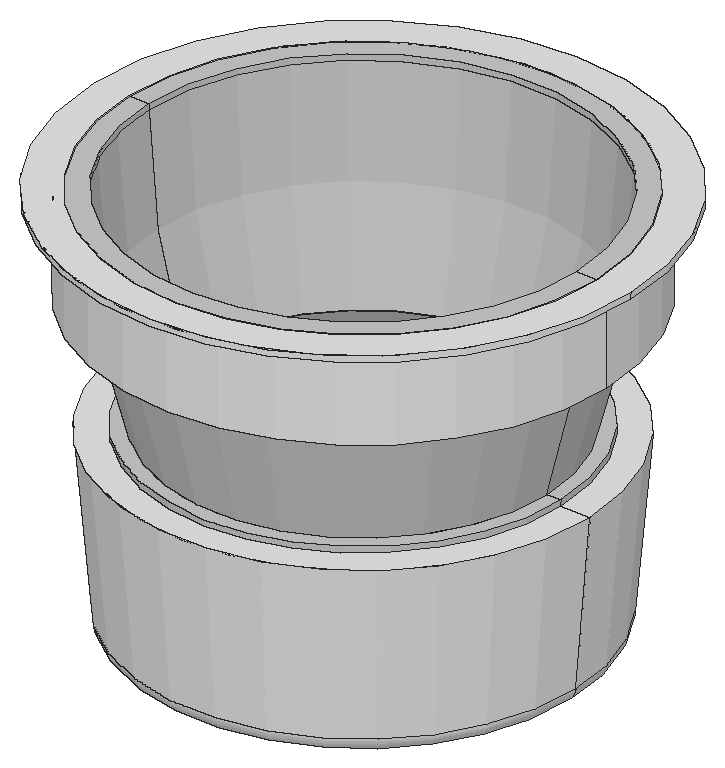
Revit family "2059368 Lighting Fixture_Sylvania_Ascent 150 II Round_Ceiling Recessed", category Lighting Fixtures, host Face, Revit 2017
Family settings
  Host = Face
  Round Connector Dimension = Use Diameter
  Part Type = Normal
  OmniClass Number = 23.80.70.11.17
  OmniClass Title = Specialized Lighting by Location or Use
  Cut with Voids When Loaded = No
  Light Source = Yes
  Shared = No
  Room Calculation Point = No
Parameters (values of type "ASCENT 150 II 3400 4K STD")
  Upper Body Radius = Radius - 14.5 mm  # 80.0 mm
  Upper Body Material = Metal_Sylvania_Ascent 150 II_Black
  Ring Outer Diameter = Diameter - 17.0 mm  # 172.0 mm
  Ring Inner Diameter = Ring Outer Diameter - 4.0 mm  # 168.0 mm
  Reflector Material = Metal_Sylvania_Ascent 150 II_Polished
  Recessed Depth = 142.0 mm
  Radius = Diameter / 2  # 94.5 mm
  Light Emit  Diameter = Diameter - 38.0 mm  # 151.0 mm
  LOR = "100%"  # constant formula
  Inrush Current (max. quantity per 16A C breaker) = "80"  # constant formula
  Inner Reflector Radius = Inner Radius - 19.5 mm  # 63.0 mm
  Inner Radius = Inner Diameter / 2  # 82.5 mm
  Inner Diameter = Diameter - 24.0 mm  # 165.0 mm
  IP Rating = "IP44"  # constant formula
  IK Rating = "IK02"  # constant formula
  Glow Wire Test = 650 °C  # constant formula
  Energy Class = "A++,A+,A"  # constant formula
  Weight = 1.7 kg
  Wattage = 27.9268 W
  built-in parameter 1150110 = 1 (stored number, unit not read)
  Voltage Comments = "UNV (Universal Voltage; 220-240 Volt)"  # constant formula
  Voltage = 230 V  # constant formula
  URL = "https://www.sylvania-lighting.com"
  built-in parameter 1114217 = 1 (stored number, unit not read)
  Tilt Angle = -90°
  built-in parameter 1150109 = 1 (stored number, unit not read)
  built-in parameter 1150134 = 12
  built-in parameter 1150113 = 1 (stored number, unit not read)
  Product Page URL = "https://www.sylvania-lighting.com/product/en-int/products/2059368"
  Product Family = "ASCENT 150 II ROUND"  # constant formula
  Photometry Comments = ""
  Photometric Web File = "2059368_ASCENT150II34004KSTD-206502.ies"
  Life = "50 000 h"  # constant formula
  Emit from Circle Diameter = Light Emit  Diameter  # 151.0 mm
  Emit Shape Visible in Rendering = no
  Emergency duration (h) = "N/A"
  Electrical Protection = "Class II"  # constant formula
  Drive Current = "1000mA"  # constant formula
  Distribution type = "Direct"  # constant formula
  Diffuser Material = Glass_Sylvania_Ascent 150 II_Clear_4000K
  Diameter = 189.0 mm
  Cutout Diameter = Diameter - 13.0 mm  # 176.0 mm
  Colour consistency (SDCM) = "3 step"  # constant formula
  built-in parameter 1114216 [instance] = 1 (stored number, unit not read)
  Model = "ASCENT 150 II 3400 4K STD"
  Manufacturer = "Feilo Sylvania"
  built-in parameter 1150105 = 2103.2 (stored number, unit not read)
  Lumens = 3435 lm
  built-in parameter 1150115 = 1 (stored number, unit not read)
  built-in parameter 1150137 = (empty or 0)
  built-in parameter 1150139 = (empty or 0)
  built-in parameter 1150112 = 1 (stored number, unit not read)
  built-in parameter 1150114 = 1 (stored number, unit not read)
  Lamp Comments = "Integrated LED"  # constant formula
  Lamp = "LED"  # constant formula
  built-in parameter 1150132 = 2
  built-in parameter 1150102 = (empty or 0)
  built-in parameter 1150107 = 4000 (stored number, unit not read)
  built-in parameter 1150138 = (empty or 0)
  built-in parameter 1150106 = 21.032 (stored number, unit not read)
  built-in parameter 1150104 = 11.427 (stored number, unit not read)
  Dimming Lamp Color Temperature Shift = <None>
  Description = "A very high efficient round downlight up to 127lm/W Long life >50,000hrs 4,000K and 3,000K CCT and CRI Ra85 IP44 rated for wet areas and bathrooms UGR <19 version for offices to comply with EN12464-1 Wide selection of decorative accessories"  # constant formula
  Default Elevation = 0.0 mm
  Color Filter = 16777215
  Catalog Number = "2059368 ASCENT 150 II 3400 4K STD"
  built-in parameter 1140040 [instance] = 1
  CRI (Ra) = ">80"  # constant formula
  built-in parameter 1114218 = 1 (stored number, unit not read)
  built-in parameter 1150133 = 10 (stored number, unit not read)
  Assembly Code = "D5020200"
  Apparent Load Comments = ""
  Apparent Load = 28 VA
  Accessory Material = Aluminum_Sylvania_Ascent 150 II_White
Reference planes
  plane 1 "Center (Front/Back)": y = 0
  plane 2: z = 0
  plane 3 "Center (Left/Right)": x = 0
  plane 4: z = 2
  plane 5: z = -74
  plane 6 "Fixture Top": z = -140
  plane 7: z = -31
  plane 8: z = -72
  plane 9: z = -62.037
Forms (mm)
  Extrusion 1, solid, material "Aluminum_Sylvania_Ascent 150 II_White" <- "Accessory Material", detail levels fine
    sketch origin (0, 0, 0) x (1, 0, 0) y (0, 1, 0)
      loop
        circle (0, 0) r 94.5
      loop
        circle (0, 0) r 82.5
    from 0 to 2
  Extrusion 2, void
    sketch origin (0, 0, 0) x (1, 0, 0) y (0, 1, 0)
      loop
        circle (0, 0) r 88
    from -140 to 2
  Revolve 3, solid, material "Metal_Sylvania_Ascent 150 II_Polished" <- "Reflector Material", detail levels fine
    sketch origin (0, 0, 0) x (1, 0, 0) y (0, 0, 1)
      loop
        line (-82.5, 0) -> (-77.5, 0)
        arc (-77.5, 0) -> (-74.352, -36.539) -> (-65, -72) r 213.61
        line (-65, -72) -> (-70, -72) -> (-70, -74) -> (0, -74) -> (0, -72) -> (-63, -72)
        arc (-63, -72) -> (-72.352, -36.539) -> (-75.5, 0) r 213.61
        line (-75.5, 0) -> (-75.5, 2) -> (-82.5, 2) -> (-82.5, 0)
      axis (0, 2) -> (0, -74)
    angle from 0 to 360
  Extrusion 4, solid, material "Aluminum_Sylvania_Ascent 150 II_White" <- "Accessory Material", detail levels fine
    sketch origin (0, 0, 0) x (1, 0, 0) y (0, 1, 0)
      loop
        circle (0, 0) r 86
      loop
        circle (0, 0) r 84
    from -31 to 0
  Revolve 5, solid, material "Glass_Sylvania_Ascent 150 II_Clear_4000K" <- "Diffuser Material", detail levels fine
    sketch origin (0, 0, 0) x (1, 0, 0) y (0, 0, 1)
      loop
        line (-63, -72) -> (0, -72) -> (0, -62.037)
        arc (0, -62.037) -> (-31.891, -64.543) -> (-63, -72) r 204.163
      axis (0, -62.037) -> (0, -72)
    angle from 0 to 360
  Revolve 6, solid, material "Metal_Sylvania_Ascent 150 II_Black" <- "Upper Body Material", detail levels fine
    sketch origin (0, 0, 0) x (1, 0, 0) y (0, 0, 1)
      loop
        line (0, -74) -> (-80, -74) -> (-75.107, -129.929)
        arc (-75.107, -129.929) -> (-73.452, -133.536) -> (-69.924, -135.353) r 6.079
        arc (-69.924, -135.353) -> (-35.039, -138.837) -> (0, -140) r 528.435
        line (0, -140) -> (0, -74)
      axis (0, -74) -> (0, -140)
    angle from 0 to 360
  Revolve 7, solid, material "Aluminum_Sylvania_Ascent 150 II_White" <- "Accessory Material", detail levels coarse+medium
    sketch origin (0, 0, 0) x (1, 0, 0) y (0, 0, 1)
      loop
        arc (-69.924, -135.353) -> (-35.039, -138.837) -> (0, -140) r 528.435
        line (0, -140) -> (0, 2) -> (-94.5, 2) -> (-94.5, 0) -> (-86, 0) -> (-86, -31)
        arc (-86, -31) -> (-84.493, -52.708) -> (-80, -74) r 157.083
        line (-80, -74) -> (-75.107, -129.929)
        arc (-75.107, -129.929) -> (-73.452, -133.536) -> (-69.924, -135.353) r 6.079
      axis (0, 2) -> (0, -140)
    angle from 0 to 360
Cuts and joins
  joined: Extrusion 1, Extrusion 4
Lines and regions (mm)
  Masking region 1
    outline origin (0, 0, 0) x (1, 0, 0) y (0, 1, 0)
      loop
        circle (0, 0) r 94.5
  symbolic lines, detail levels fine
    curve 1: arc (-75.5, 0, 0) -> (0, 75.5, 0) -> (75.5, 0, 0) r 75.5
    curve 2: arc (75.5, 0, 0) -> (0, -75.5, 0) -> (-75.5, 0, 0) r 75.5
Dimensions and locks
  plane 4 to plane 2 to plane 7 to plane 9 to plane 8 to plane 5 = 2.0 mm locked, 31.0 mm locked, 31.037 mm locked, 9.963 mm locked, 2.0 mm locked
  "Inner Radius": plane 3 "Center (Left/Right)" to Revolve 3 sketch curve
  locked: Revolve 3 sketch curve to Revolve 3 sketch curve at 7
  Revolve 3 sketch curve to Revolve 3 sketch curve to Revolve 3 sketch curve to Revolve 3 sketch curve = 2.0 mm locked, 5.0 mm locked, 12.5 mm locked
  "Inner Reflector Radius": Revolve 5 sketch curve to imposter light
  Revolve 6 sketch curve to Revolve 6 sketch curve to plane 6 "Fixture Top" = 5.424 mm locked, 4.647 mm locked
  "Recessed Depth": plane 4 to plane 6 "Fixture Top"
  "Upper Body Radius": plane 3 "Center (Left/Right)" to Revolve 6 sketch curve
  Revolve 6 sketch curve to Revolve 6 sketch curve to Revolve 6 sketch curve = 4.893 mm locked, 5.183 mm locked
  Revolve 7 sketch curve to Revolve 7 sketch curve to plane 6 "Fixture Top" = 5.424 mm locked, 4.647 mm locked
  Revolve 7 sketch curve to Revolve 7 sketch curve to Revolve 7 sketch curve to Revolve 7 sketch curve to Revolve 7 sketch curve = 8.5 mm locked, 6.0 mm locked, 4.893 mm locked, 5.183 mm locked
  "Radius": plane 3 "Center (Left/Right)" to Revolve 7 sketch curve
  "Diameter": diameter of Extrusion 1 sketch curve
  "Inner Diameter": diameter of Extrusion 1 sketch curve
  "Cutout Diameter": diameter of Extrusion 2 sketch curve
  "Ring Outer Diameter": diameter of Extrusion 4 sketch curve
  "Ring Inner Diameter": diameter of Extrusion 4 sketch curve
  aligned and locked: plane 2 to host face
  aligned and locked: level to host face
  aligned and locked: imposter light to plane 3 "Center (Left/Right)"
  aligned and locked: imposter light to plane 1 "Center (Front/Back)"
  aligned and locked: Extrusion 1 to plane 2
  aligned and locked: plane 4 to Extrusion 1
  aligned and locked: imposter light to plane 4
  aligned and locked: imposter light to Revolve 3 sketch curve
  aligned and locked: Revolve 3 sketch curve to imposter light
  aligned and locked: Revolve 3 sketch curve to plane 2
  aligned and locked: Revolve 3 sketch curve to Revolve 3 sketch curve
  aligned and locked: plane 5 to Revolve 3 sketch curve
  aligned and locked: Extrusion 4 to plane 7
  aligned and locked: Revolve 3 sketch curve to plane 8
  aligned and locked: Revolve 5 sketch curve to plane 8
  aligned and locked: imposter light to Revolve 5 sketch curve  (x2)
  aligned and locked: imposter light to Revolve 6 sketch curve  (x2)
  aligned and locked: plane 5 to Revolve 6 sketch curve
  aligned and locked: plane 6 "Fixture Top" to Revolve 6 sketch curve
  aligned and locked: Revolve 7 sketch curve to plane 2
  aligned and locked: plane 4 to Revolve 7 sketch curve
  aligned and locked: plane 7 to Revolve 7 sketch curve
  aligned and locked: imposter light to Extrusion 2
  aligned and locked: Extrusion 2 to plane 6 "Fixture Top"
  aligned and locked: Masking region 1 sketch curve to Revolve 7  (x2)
  aligned and locked: curve 1 to Revolve 3
  aligned and locked: curve 2 to Revolve 3
Automatic sketch dimensions
  host sketch curve to host sketch curve = 1040.406 mm
  host sketch curve to host sketch curve = 988.385 mm
  Extrusion 1 sketch curve to Extrusion 1 sketch curve = 0.0 mm  (x2)
  plane 1 "Center (Front/Back)" to Extrusion 1 sketch curve = 0.0 mm
  Extrusion 1 sketch curve to plane 3 "Center (Left/Right)" = 0.0 mm
  plane 1 "Center (Front/Back)" to Extrusion 2 sketch curve = 0.0 mm
  Extrusion 2 sketch curve to plane 3 "Center (Left/Right)" = 0.0 mm
  Revolve 3 sketch curve to plane 3 "Center (Left/Right)" = 0.0 mm
  Revolve 3 sketch curve to level = 0.0 mm
  Revolve 3 sketch curve to Revolve 3 sketch curve = 2.0 mm
  Revolve 3 sketch curve to plane 5 = 27.065 mm
  plane 4 to Revolve 3 sketch curve = 16.525 mm
  Extrusion 4 sketch curve to Extrusion 4 sketch curve = 0.0 mm  (x2)
  plane 1 "Center (Front/Back)" to Extrusion 4 sketch curve = 0.0 mm
  Extrusion 4 sketch curve to plane 3 "Center (Left/Right)" = 0.0 mm
  Revolve 5 sketch curve to plane 9 = 0.0 mm
  Revolve 5 sketch curve to plane 5 = 17.158 mm
  Revolve 5 sketch curve to plane 7 = 15.158 mm
  Revolve 6 sketch curve to plane 7 = 0.0 mm
  Revolve 6 sketch curve to Revolve 6 sketch curve = 6.05 mm
  Revolve 6 sketch curve to plane 6 "Fixture Top" = 26.0 mm
  Revolve 7 sketch curve to plane 3 "Center (Left/Right)" = 0.0 mm  (x2)
  Revolve 7 sketch curve to plane 6 "Fixture Top" = 0.0 mm
  Revolve 7 sketch curve to plane 5 = 0.0 mm
  Revolve 7 sketch curve to plane 7 = 0.0 mm
  Revolve 7 sketch curve to Revolve 7 sketch curve = 0.866 mm
  Revolve 7 sketch curve to Revolve 7 sketch curve = 26.0 mm
Connectors
  electrical at (0, 0, -140), driven by "Apparent Load", driven by "Voltage"
    settings: index 1, voltage 230 V, apparent load 0 VA, apparent load phase1 28 VA, apparent load phase2 0 VA, apparent load phase3 0 VA, power factor 1, load classification "Lighting", number of poles 1, system type 31, power factor state 1, is connector primary yes, connector utility no, sub classification motor no, connector description ""
